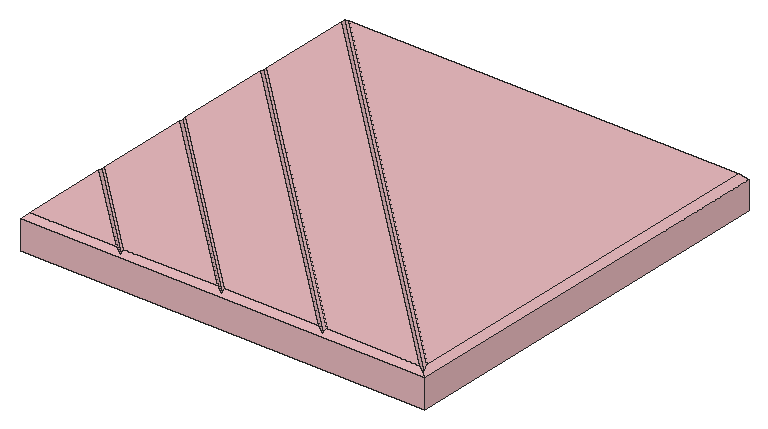
Revit family "ARROW 2ft x 2ft", category Specialty Equipment, Revit 2023
Family settings
  Round Connector Dimension = Use Diameter
  Part Type = Normal
  OmniClass Number = 23.35.00.00
  OmniClass Title = Covering, Cladding, and Finishes
  Work Plane-Based = Yes
  Enable Cutting in Views = Yes
  Always vertical = No
  Cut with Voids When Loaded = No
  Maintain Annotation Orientation = No
  Shared = No
  Room Calculation Point = No
Parameters (values of type "2 INCH THICK - CUSTOM PAINTED - STANDARD")
  URL = "https://www.acousticalsurfaces.com/envirocoustic-wood-wool/designs/"
  Type Comments = "Acoustic panels for vertical and horizontal surfaces"
  Thickness = 0' - 2"
  Recycled Content Percentage = "0%"
  Model = "Envirocoustic Wood Wool"
  Material = "Envirocoustic Wood Wool"
  Manufacturer = "Acoustical Surfaces, Inc."
  Fire Rating = "ASTM E84 - Class A"
  Finish = Paint - Acoustical-Surfaces - Custom Painted
  Description = "Acoustic Panels"
  Default Elevation = 0' - 0"
  Backer Thickness = 0' - 1"
  Backer = no
  Assembly Code = "C30"
  Acoustics - NRC = "Sound absorption varies from NRC 0.45 to 0.95 based on installation method used when tested per ASTM C423."
Types (27): name | Thickness | Finish | Backer Thickness | Backer
  2 INCH THICK - CUSTOM PAINTED - STANDARD | 0' - 2" | Paint - Acoustical-Surfaces - Custom Painted | 0' - 1" | no
  2 INCH THICK - PRIMED WHITE - STANDARD | 0' - 2" | Paint - Acoustical-Surfaces - Primed White | 0' - 1" | no
  2 INCH THICK - PRIMED CLEAR - STANDARD | 0' - 2" | Paint - Acoustical-Surfaces - Primed Clear | 0' - 1" | no
  2 INCH THICK - PRIMED WHITE - 2 INCH CFAB BACKER | 0' - 2" | Paint - Acoustical-Surfaces - Primed White | 0' - 2" | yes
  2 INCH THICK - PRIMED WHITE - 1 INCH CFAB BACKER | 0' - 2" | Paint - Acoustical-Surfaces - Primed White | 0' - 1" | yes
  2 INCH THICK - PRIMED CLEAR - 2 INCH CFAB BACKER | 0' - 2" | Paint - Acoustical-Surfaces - Primed Clear | 0' - 2" | yes
  2 INCH THICK - PRIMED CLEAR - 1 INCH CFAB BACKER | 0' - 2" | Paint - Acoustical-Surfaces - Primed Clear | 0' - 1" | yes
  2 INCH THICK - CUSTOM PAINTED - 2 INCH CFAB BACKER | 0' - 2" | Paint - Acoustical-Surfaces - Custom Painted | 0' - 2" | yes
  2 INCH THICK - CUSTOM PAINTED - 1 INCH CFAB BACKER | 0' - 2" | Paint - Acoustical-Surfaces - Custom Painted | 0' - 1" | yes
  1-3/8 INCH THICK - CUSTOM PAINTED - STANDARD | 0' - 1 3/8" | Paint - Acoustical-Surfaces - Custom Painted | 0' - 1" | no
  1-3/8 INCH THICK - PRIMED WHITE - STANDARD | 0' - 1 3/8" | Paint - Acoustical-Surfaces - Primed White | 0' - 1" | no
  1-3/8 INCH THICK - PRIMED CLEAR - STANDARD | 0' - 1 3/8" | Paint - Acoustical-Surfaces - Primed Clear | 0' - 1" | no
  1-3/8 INCH THICK - PRIMED WHITE - 2 INCH CFAB BACKER | 0' - 1 3/8" | Paint - Acoustical-Surfaces - Primed White | 0' - 2" | yes
  1-3/8 INCH THICK - PRIMED WHITE - 1 INCH CFAB BACKER | 0' - 1 3/8" | Paint - Acoustical-Surfaces - Primed White | 0' - 1" | yes
  1-3/8 INCH THICK - PRIMED CLEAR - 2 INCH CFAB BACKER | 0' - 1 3/8" | Paint - Acoustical-Surfaces - Primed Clear | 0' - 2" | yes
  1-3/8 INCH THICK - PRIMED CLEAR - 1 INCH CFAB BACKER | 0' - 1 3/8" | Paint - Acoustical-Surfaces - Primed Clear | 0' - 1" | yes
  1-3/8 INCH THICK - CUSTOM PAINTED - 2 INCH CFAB BACKER | 0' - 1 3/8" | Paint - Acoustical-Surfaces - Custom Painted | 0' - 2" | yes
  1-3/8 INCH THICK - CUSTOM PAINTED - 1 INCH CFAB BACKER | 0' - 1 3/8" | Paint - Acoustical-Surfaces - Custom Painted | 0' - 1" | yes
  1 INCH THICK - CUSTOM PAINTED - STANDARD | 0' - 1" | Paint - Acoustical-Surfaces - Custom Painted | 0' - 1" | no
  1 INCH THICK - PRIMED WHITE - STANDARD | 0' - 1" | Paint - Acoustical-Surfaces - Primed White | 0' - 1" | no
  1 INCH THICK - PRIMED CLEAR - STANDARD | 0' - 1" | Paint - Acoustical-Surfaces - Primed Clear | 0' - 1" | no
  1 INCH THICK - PRIMED WHITE - 2 INCH CFAB BACKER | 0' - 1" | Paint - Acoustical-Surfaces - Primed White | 0' - 2" | yes
  1 INCH THICK - PRIMED WHITE - 1 INCH CFAB BACKER | 0' - 1" | Paint - Acoustical-Surfaces - Primed White | 0' - 1" | yes
  1 INCH THICK - PRIMED CLEAR - 2 INCH CFAB BACKER | 0' - 1" | Paint - Acoustical-Surfaces - Primed Clear | 0' - 2" | yes
  1 INCH THICK - PRIMED CLEAR - 1 INCH CFAB BACKER | 0' - 1" | Paint - Acoustical-Surfaces - Primed Clear | 0' - 1" | yes
  1 INCH THICK - CUSTOM PAINTED - 2 INCH CFAB BACKER | 0' - 1" | Paint - Acoustical-Surfaces - Custom Painted | 0' - 2" | yes
  1 INCH THICK - CUSTOM PAINTED - 1 INCH CFAB BACKER | 0' - 1" | Paint - Acoustical-Surfaces - Custom Painted | 0' - 1" | yes
Reference planes (in)
  plane 1 "Center (Front/Back)": y = 0
  plane 2: z = 0
  plane 3 "Center (Left/Right)": x = 0
  plane 4: x = -12
  plane 5: x = 12
  plane 6: y = 12
  plane 7: y = -12
  plane 8: z = 2
  plane 9: z = -1
Forms (in)
  Extrusion 1, solid, material "Paint - Acoustical-Surfaces - Custom Painted" <- "Finish"
    sketch origin (0, 0, 0) x (1, 0, 0) y (0, 1, 0)
      loop
        line (12, 12) -> (-12, 12) -> (-12, -12) -> (12, -12) -> (12, 12)
    from 0 to 2
  Sweep 2, void
    path in 3D
      loop
        line (12, 12, 2) -> (-12, 12, 2) -> (-12, -12, 2) -> (12, -12, 2) -> (12, 12, 2)
    profile "Triangle : Family2" origin (12, 0, 2) x (-1, 0, 0) y (0, 0, 1)
      loop
        line (0, 0) -> (0, -0.315) -> (0.315, 0) -> (0, 0)
  Extrusion 3, solid, visible <- "Backer"
    sketch origin (0, 0, 0) x (1, 0, 0) y (0, 1, 0)
      loop
        line (12, 12) -> (-12, 12) -> (-12, -12) -> (12, -12) -> (12, 12)
    from 0 to -1
  Sweep 4, void
    path origin (0, -36, 2) x (1, 0, 0) y (0, 1, 0)
      loop
        line (-12, 48) -> (12, 24) -> (-12, 0)
    profile "Groove : Family2" origin (0, 0, 2) x (0.707107, 0.707107, 0) y (0, 0, 1)
      loop
        line (-0.1575, 0) -> (0, -0.1575) -> (0.1575, 0) -> (-0.1575, 0)
  Sweep 5, void
    path origin (0, -24, 2) x (1, 0, 0) y (0, 1, 0)
      loop
        line (-12, 30) -> (6, 12) -> (-12, -6)
    profile "Groove : Family2" origin (-3, -3, 2) x (0.707107, 0.707107, 0) y (0, 0, 1)
      loop
        line (-0.1575, 0) -> (0, -0.1575) -> (0.1575, 0) -> (-0.1575, 0)
  Sweep 6, void
    path origin (0, -24, 2) x (1, 0, 0) y (0, 1, 0)
      loop
        line (-12, 24) -> (0, 12) -> (-12, 0)
    profile "Groove : Family2" origin (-6, -6, 2) x (0.707107, 0.707107, 0) y (0, 0, 1)
      loop
        line (-0.1575, 0) -> (0, -0.1575) -> (0.1575, 0) -> (-0.1575, 0)
  Sweep 7, void
    path origin (0, -24, 2) x (1, 0, 0) y (0, 1, 0)
      loop
        line (-12, 18) -> (-6, 12) -> (-12, 6)
    profile "Groove : Family2" origin (-9, -9, 2) x (0.707107, 0.707107, 0) y (0, 0, 1)
      loop
        line (-0.1575, 0) -> (0, -0.1575) -> (0.1575, 0) -> (-0.1575, 0)
Cuts and joins
  Sweep 2, Sweep 4, Sweep 5, Sweep 6, Sweep 7 cuts Extrusion 1
Lines and regions (in)
  sketch lines
    curve 1: line (12, -12, 2) -> (12, 12, 2)
    curve 2: line (-12, -12, 2) -> (12, -12, 2)
    curve 3: line (-12, 12, 2) -> (-12, -12, 2)
    curve 4: line (12, 12, 2) -> (-12, 12, 2)
Dimensions and locks (in)
  equal spacing: plane 4, plane 3 "Center (Left/Right)", plane 5
  equal spacing: plane 7, plane 1 "Center (Front/Back)", plane 6
  plane 7 to plane 6 = 2' - 0"
  locked: plane 4 to plane 5 at 24
  "Thickness": plane 8 to level
  "Backer Thickness": level to plane 9
  aligned and locked: level to plane 2
  aligned and locked: Extrusion 1 sketch curve to plane 4
  aligned and locked: plane 5 to Extrusion 1 sketch curve
  aligned and locked: Extrusion 1 sketch curve to plane 6
  aligned and locked: Extrusion 1 sketch curve to plane 7
  aligned and locked: Extrusion 1 to plane 8
  aligned and locked: Extrusion 3 sketch curve to plane 4
  aligned and locked: plane 5 to Extrusion 3 sketch curve
  aligned and locked: Extrusion 3 sketch curve to plane 6
  aligned and locked: Extrusion 3 sketch curve to plane 7
  aligned and locked: plane 9 to Extrusion 3
Automatic sketch dimensions
  Sweep 4 sketch curve to Extrusion 1 = 0' - 0"  (x4)
  Extrusion 1 to Sweep 4 sketch curve = 2' - 0"
  Sweep 5 sketch curve to Extrusion 1 = 0' - 0"  (x3)
  Sweep 5 sketch curve to Extrusion 1 = 0' - 6"
  Extrusion 1 to Sweep 5 sketch curve = 1' - 6"
  Sweep 6 sketch curve to Extrusion 1 = 0' - 0"  (x3)
  Sweep 6 sketch curve to Extrusion 1 = 1' - 0"
  Extrusion 1 to Sweep 6 sketch curve = 1' - 0"
  Sweep 7 sketch curve to Extrusion 1 = 0' - 0"  (x3)
  Sweep 7 sketch curve to Extrusion 1 = 0' - 6"
  Extrusion 1 to Sweep 7 sketch curve = 0' - 6"
